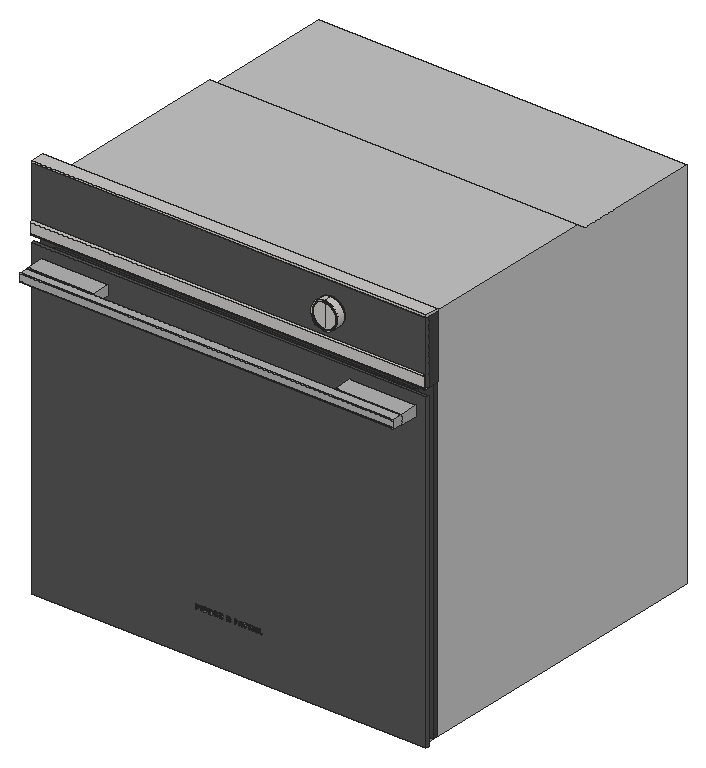
Revit family "FP-Revit18-OS60SDTDX2-CombiSteamOven-0-AU-CN-EU-IE-NZ-UK-90002672A", category Specialty Equipment, Revit 2018
Family settings
  Round Connector Dimension = Use Diameter
  Part Type = Normal
  OmniClass Number = 23.40.40.14.17.11
  OmniClass Title = Cookers, Ovens, Stoves
  Work Plane-Based = No
  Always vertical = Yes
  Cut with Voids When Loaded = Yes
  Shared = No
  Room Calculation Point = No
Parameters (values of type "OS60SDTDX2")
  Visibility - Clearance Required = yes
  URL = "www.fisherpaykel.com"
  Product - Width = 596 mm  # constant formula
  Product - Height = 598 mm  # constant formula
  Product - Depth = 566 mm  # constant formula
  Model = "OS60SDTDX2"
  Material - Trim = Fisher & Paykel - Stainless Steel
  Material - Structure = Fisher & Paykel - Black
  Material - Logo = Fisher & Paykel - Graphics Grey
  Material - Handle = Fisher & Paykel - Aluminium
  Material - Glass = Fisher & Paykel - Glass, Black
  Material - Buttons and Dials = Fisher & Paykel - Stainless Steel
  Material - Body = Fisher & Paykel - Grey
  Material - Bezel = Fisher & Paykel - Bezel Red
  Manufacturer = "Fisher & Paykel Appliances"
  FFL Offset [instance] = 200 mm
  Description = "60cm Combination Steam Oven"
  Connector Note - Electrical = "220 - 240 V, 12.8 - 13.8 A, 50 Hz"
  Chassis - Width = 556 mm  # constant formula
  Chassis - Height = 577 mm  # constant formula
  Chassis - Depth = 545 mm  # constant formula
  Cavity - Width = 600 mm  # constant formula
  Cavity - Height = 600 mm  # constant formula
  Cavity - Depth = 550 mm  # constant formula
Reference planes
  plane 1 "Datum": y = 0
  plane 2: z = 0
  plane 3 "Center (Left/Right)": x = 0
  plane 4 "Cavity": z = 780
  plane 5 "Product Height": z = 798
  plane 6 "Product LHS": x = -298
  plane 7 "Product RHS": x = 298
  plane 8 "Cavity LHS": x = -300
  plane 9 "Cavity RHS": x = 300
  plane 10 "Cavity - Depth": y = 550
  plane 11 "Product Depth": y = 545
  plane 12 "Front Face": y = -21
  plane 13 "Dial": x = 154.861
  plane 14 "FFL Offset": z = 200
  plane 15 "Cavity Height": z = 800
  plane 16 "KNOB 32": x = -282.5
  plane 17 "KNOB 33": x = 282.5
  plane 18 "LHS Standoff": x = -182.5
  plane 19 "RHS Standoff": x = 182.5
Forms (mm)
  Extrusion 1, solid, material "Fisher & Paykel - Grey" <- "Material - Body"
    sketch origin (0, 0, 0) x (0, 1, 0) y (0, 0, 1)
      loop
        line (0, 200) -> (527.082, 200) -> (527.082, 392.821) -> (545, 410.738) -> (545, 606.184) -> (496, 658.73) -> (496, 767.871) -> (302.605, 767.871) -> (290.524, 777) -> (0, 777) -> (0, 200)
    from -278 to 278
  Extrusion 2, void
    sketch origin (0, 0, 0) x (1, 0, 0) y (0, 1, 0)
      loop
        line (-199.196, 545) -> (-278, 545) -> (-278, 496) -> (-229.815, 496) -> (-199.196, 545)
      loop
        line (278, 496) -> (278, 545) -> (75.362, 545) -> (93.838, 526.523) -> (211.079, 526.523) -> (229.419, 496) -> (278, 496)
    from 200 to 767.871
  Extrusion 3, solid, material "Fisher & Paykel - Black" <- "Material - Structure"
    sketch origin (0, 0, 0) x (0, 1, 0) y (0, 0, 1)
      loop
        line (-17, 795.1) -> (-17, 698) -> (0, 698) -> (0, 795.1) -> (-17, 795.1)
    from -298 to 298
  Extrusion 4, solid, material "Fisher & Paykel - Glass, Black" <- "Material - Glass"
    sketch origin (0, 0, 0) x (1, 0, 0) y (0, 0, 1)
      loop
        line (-298, 687) -> (-298, 211.846) -> (298, 211.846) -> (298, 687) -> (-298, 687)
      loop
        line (-298, 699.5) -> (298, 699.5) -> (298, 795.1) -> (-298, 795.1) -> (-298, 699.5)
    from 17 to 21
  Extrusion 5, solid, material "Fisher & Paykel - Black" <- "Material - Structure"
    sketch origin (0, 0, -4.7) x (0, 1, 0) y (0, 0, 1)
      loop
        line (-17, 690.771) -> (-17, 224.7) -> (-5, 224.7) -> (-5, 687.442) -> (-14.146, 690.771) -> (-17, 690.771)
    from -272.5 to 272.5
  Extrusion 6, solid, material "Fisher & Paykel - Black" <- "Material - Structure"
    sketch origin (0, 0, 0) x (1, 0, 0) y (0, 0, 1)
      loop
        arc (269.803, 698) -> (257.581, 690.14) -> (243.393, 687) r 41.294
        line (243.393, 687) -> (-243.393, 687)
        arc (-243.393, 687) -> (-257.581, 690.14) -> (-269.803, 698) r 41.294
        line (-269.803, 698) -> (-297.5, 698) -> (-297.5, 218) -> (297.5, 218) -> (297.5, 698) -> (269.803, 698)
    from 0 to 5.4
  Extrusion 7, solid, material "Fisher & Paykel - Clearance Required", visible <- "Visibility - Clearance Required", detail levels coarse
    sketch origin (0, 0, 0) x (0, 1, 0) y (0, 0, 1)
      loop
        line (0, 800) -> (-191.375, 800) -> (-191.375, 636.155)
        arc (-191.375, 636.155) -> (-381.908, 479.03) -> (-481.8, 253.169) r 536.161
        line (-481.8, 253.169) -> (-465.804, 252.809) -> (-466.989, 210.782) -> (-451.592, 210.354) -> (-450.407, 252.375) -> (-21, 240.267) -> (-21, 200) -> (0, 200) -> (0, 800)
    from -300 to 300
  Extrusion 8, solid, material "Fisher & Paykel - Clearance Required", visible <- "Visibility - Clearance Required", detail levels coarse
    sketch origin (0, 0, 0) x (1, 0, 0) y (0, 1, 0)
      loop
        line (-280, 0) -> (280, 0) -> (280, 550) -> (-280, 550) -> (-280, 0)
    from 200 to 780
  Extrusion 9, void
    sketch origin (0, 0, 0) x (1, 0, 0) y (0, 1, 0)
      loop
        line (-300, -21) -> (300, -21) -> (300, 0) -> (-300, 0) -> (-300, -21)
    from 200 to 800
  Extrusion 10, solid, material "Fisher & Paykel - Stainless Steel" <- "Material - Trim", detail levels fine
    sketch origin (0, 0, 0) x (0, 1, 0) y (0, 0, 1)
      loop
        line (-22.95, 715.033) -> (-22.95, 699.235)
        arc (-22.95, 699.235) -> (-22.588, 698.362) -> (-21.715, 698) r 1.235
        line (-21.715, 698) -> (-18.526, 698) -> (-18.526, 699.5) -> (-21, 699.5) -> (-21, 717.646) -> (-21.788, 717.646) -> (-22.95, 715.033)
    from -298 to 298
  Extrusion 11, void
    sketch origin (0, 0, 0) x (1, 0, 0) y (0, 1, 0)
      loop
        line (-280, 550) -> (-280, 0) -> (280, 0) -> (280, 550) -> (-280, 550)
    from 200 to 780
  Extrusion 12, solid, material "Fisher & Paykel - Grey" <- "Material - Body"
    sketch origin (0, -21, 0) x (0, 0, 1) y (1, 0, 0)
      loop
        line (736, -135) -> (683, -135) -> (683, -218) -> (736, -218) -> (736, -135)
    from 517 to 535
  Extrusion 13, solid, material "Fisher & Paykel - Stainless Steel" <- "Material - Trim"
    sketch origin (154.861, 0, 0) x (0, 1, 0) y (0, 0, 1)
      loop
        line (0, 798) -> (-21, 798) -> (-21, 795.1) -> (0, 795.1) -> (0, 798)
    from -452.861 to 143.139
  Extrusion 14, solid, material "Fisher & Paykel - Graphics Grey" <- "Material - Logo", detail levels fine
    sketch origin (0, 0, 0) x (1, 0, 0) y (0, 0, 1)
      loop
        line (-50.044, 278.956) -> (-48.47, 278.956) -> (-48.47, 281.094) -> (-46.011, 281.094) -> (-46.011, 282.428) -> (-48.47, 282.428) -> (-48.47, 283.668) -> (-45.795, 283.668) -> (-45.795, 284.996) -> (-50.044, 284.996) -> (-50.044, 278.956)
      loop
        line (-42.804, 284.996) -> (-42.804, 278.956) -> (-41.23, 278.956) -> (-41.23, 284.996) -> (-42.804, 284.996)
      loop
        line (-30.724, 284.996) -> (-30.724, 278.956) -> (-29.151, 278.956) -> (-29.151, 281.376) -> (-26.839, 281.376) -> (-26.839, 278.956) -> (-25.265, 278.956) -> (-25.265, 284.996) -> (-26.839, 284.996) -> (-26.839, 282.704) -> (-29.151, 282.704) -> (-29.151, 284.996) -> (-30.724, 284.996)
      loop
        line (-21.906, 284.996) -> (-21.906, 278.956) -> (-17.602, 278.956) -> (-17.602, 280.284) -> (-20.347, 280.284) -> (-20.347, 281.376) -> (-17.838, 281.376) -> (-17.838, 282.704) -> (-20.347, 282.704) -> (-20.347, 283.668) -> (-17.602, 283.668) -> (-17.602, 284.996) -> (-21.906, 284.996)
      loop
        line (45.667, 284.996) -> (45.667, 278.956) -> (49.956, 278.956) -> (49.956, 280.284) -> (47.241, 280.284) -> (47.241, 284.996) -> (45.667, 284.996)
      loop
        line (42.431, 284.996) -> (38.112, 284.996) -> (38.112, 278.956) -> (42.431, 278.956) -> (42.431, 280.284) -> (39.687, 280.284) -> (39.687, 281.376) -> (42.195, 281.376) -> (42.195, 282.704) -> (39.687, 282.704) -> (39.687, 283.668) -> (42.431, 283.668) -> (42.431, 284.996)
      loop
        line (33.451, 282.104) -> (35.683, 284.996) -> (33.844, 284.996) -> (31.915, 282.498) -> (31.915, 284.996) -> (30.342, 284.996) -> (30.342, 278.956) -> (31.915, 278.956) -> (31.915, 281.661) -> (33.903, 278.956) -> (35.763, 278.956) -> (33.451, 282.104)
      loop
        line (21.98, 284.996) -> (24.262, 281.376) -> (24.262, 278.956) -> (25.837, 278.956) -> (25.837, 281.297) -> (28.119, 284.996) -> (26.446, 284.996) -> (25.099, 282.663) -> (23.753, 284.996) -> (21.98, 284.996)
      loop
        line (18.479, 284.996) -> (16.983, 284.996) -> (14.524, 278.956) -> (16.069, 278.956) -> (16.501, 280.068) -> (18.921, 280.068) -> (19.354, 278.956) -> (20.938, 278.956) -> (18.479, 284.996)
      loop
        line (18.4, 281.395) -> (17.693, 283.13) -> (17.018, 281.395) -> (18.4, 281.395)
      loop
        line (8.031, 284.996) -> (8.031, 278.956) -> (9.605, 278.956) -> (9.605, 280.894) -> (10.599, 280.894)
        arc (10.599, 280.894) -> (12.65, 282.945) -> (10.599, 284.996) r 2.051
        line (10.599, 284.996) -> (8.031, 284.996)
      loop
        line (9.605, 283.668) -> (9.605, 282.153) -> (10.501, 282.153)
        arc (10.501, 282.153) -> (11.259, 282.91) -> (10.501, 283.668) r 0.757
        line (10.501, 283.668) -> (9.605, 283.668)
      loop
        line (-11.783, 284.996) -> (-14.366, 284.996) -> (-14.366, 278.956) -> (-12.792, 278.956) -> (-12.792, 280.292) -> (-11.992, 280.292) -> (-10.972, 278.956) -> (-9.153, 278.956) -> (-10.694, 280.929)
        arc (-10.694, 280.929) -> (-9.678, 283.38) -> (-11.783, 284.996) r 2.179
      loop
        line (-11.897, 283.668) -> (-12.792, 283.668) -> (-12.792, 282.009) -> (-11.897, 282.009)
        arc (-11.897, 282.009) -> (-11.068, 282.838) -> (-11.897, 283.668) r 0.83
      loop
        line (0.477, 283.668) -> (0.477, 285.108) -> (-3.575, 285.108) -> (-3.575, 283.807) -> (-2.974, 283.067)
        arc (-2.974, 283.067) -> (-3.51, 279.639) -> (-0.045, 279.467) r 2.334
        line (-0.045, 279.467) -> (0.46, 278.847) -> (2.246, 278.847) -> (0.86, 280.55) -> (2.061, 282.28) -> (0.443, 282.28) -> (-0.013, 281.623) -> (-1.677, 283.668) -> (0.477, 283.668)
      loop
        arc (-2.125, 282.024) -> (-2.269, 280.624) -> (-0.868, 280.48) r 0.996
        line (-0.868, 280.48) -> (-2.125, 282.024)
      loop
        line (-35.18, 282.59) -> (-36.516, 282.866)
        arc (-36.516, 282.866) -> (-37.049, 283.399) -> (-36.516, 283.932) r 0.533
        arc (-36.516, 283.932) -> (-35.235, 283.746) -> (-34.059, 283.203) r 4.505
        line (-34.059, 283.203) -> (-34.059, 284.699)
        arc (-34.059, 284.699) -> (-35.549, 285.135) -> (-37.1, 285.065) r 4.726
        arc (-37.1, 285.065) -> (-38.536, 283.291) -> (-37.1, 281.516) r 1.814
        line (-37.1, 281.516) -> (-35.754, 281.238)
        arc (-35.754, 281.238) -> (-35.221, 280.705) -> (-35.754, 280.172) r 0.533
        arc (-35.754, 280.172) -> (-37.035, 280.358) -> (-38.211, 280.901) r 4.505
        line (-38.211, 280.901) -> (-38.211, 279.405)
        arc (-38.211, 279.405) -> (-36.72, 278.969) -> (-35.169, 279.039) r 4.726
        arc (-35.169, 279.039) -> (-33.734, 280.819) -> (-35.18, 282.59) r 1.814
    from 20 to 21
  Extrusion 15, void
    sketch origin (0, 0, 0) x (1, 0, 0) y (0, 0, 1)
      loop
        line (-229.748, 203) -> (-229.748, 200) -> (229.748, 200) -> (229.748, 203) -> (-229.748, 203)
    from -406 to 0
  Extrusion 16, solid, material "Fisher & Paykel - Grey" <- "Material - Body"
    sketch origin (0, 0, 0) x (0, 1, 0) y (0, 0, 1)
      loop
        circle (504.5, 703) r 4
    from -255.139 to -218
  Revolve 17, solid, material "Fisher & Paykel - Stainless Steel" <- "Material - Buttons and Dials", detail levels fine
    sketch origin (154.861, -21, 753.32) x (0, 1, 0) y (0, 0, 1)
      loop
        line (0, 20.5) -> (-0.8, 20.5) -> (-0.8, 16.038) -> (-2.264, 16.038) -> (-2.264, 20.5) -> (-13.8, 20.5) -> (-13.8, 19.7) -> (-13.289, 18.5) -> (-9.2, 18.5) -> (-9.2, 17.7) -> (-13.289, 17.7) -> (-13.289, 0) -> (0, 0) -> (0, 20.5)
      axis (0, 0) -> (-13.8, 0)
    angle from 0 to 360
  Extrusion 18, solid, material "Fisher & Paykel - Bezel Red" <- "Material - Bezel", detail levels fine
    sketch origin (154.861, -21, 753.32) x (1, 0, 0) y (0, 0, 1)
      loop
        circle (0, 0) r 17.7
      loop
        circle (0, 0) r 18.5
    from 9.2 to 13.289
  Extrusion 19, solid, material "Fisher & Paykel - Stainless Steel" <- "Material - Buttons and Dials", detail levels coarse+medium
    sketch origin (0, 0, 0) x (1, 0, 0) y (0, 0, 1)
      loop
        circle (154.861, 753.32) r 20.5
    from 21 to 35
  Revolve 20, solid, material "Fisher & Paykel - Stainless Steel" <- "Material - Buttons and Dials", not visible, detail levels fine
    sketch origin (154.861, -21, 753.32) x (0, 1, 0) y (0, 0, 1)
      loop
        line (0, 20.5) -> (-0.8, 20.5) -> (-0.8, 16.038) -> (-2.264, 16.038) -> (-2.264, 20.5) -> (-13.8, 20.5) -> (-13.8, 19.7) -> (-13.289, 18.5) -> (-9.2, 18.5) -> (-9.2, 17.7) -> (-13.289, 17.7) -> (-13.289, 0) -> (0, 0) -> (0, 20.5)
      axis (0, 0) -> (-13.8, 0)
    angle from 0 to 360
  Extrusion 21, solid, material "Fisher & Paykel - Bezel Red" <- "Material - Bezel", not visible, detail levels fine
    sketch origin (154.861, -21, 753.32) x (1, 0, 0) y (0, 0, 1)
      loop
        circle (0, 0) r 17.7
      loop
        circle (0, 0) r 18.5
    from 9.2 to 13.289
  Extrusion 22, solid, material "Fisher & Paykel - Stainless Steel" <- "Material - Buttons and Dials", not visible, detail levels coarse+medium
    sketch origin (0, 0, 0) x (1, 0, 0) y (0, 0, 1)
      loop
        circle (154.861, 753.32) r 20.5
    from 21 to 35
  Extrusion 23, solid, material "Fisher & Paykel - Aluminium" <- "Material - Handle", detail levels fine
    sketch origin (0, -22, 663.274) x (0, 1, 0) y (0, 0, 1)
      loop
        arc (-26.813, 6.16) -> (-27.196, 6.554) -> (-27.728, 6.686) r 1
        line (-27.728, 6.686) -> (-40.035, 6.256)
        arc (-40.035, 6.256) -> (-40.719, 5.951) -> (-41, 5.257) r 1
        line (-41, 5.257) -> (-41, -5.257)
        arc (-41, -5.257) -> (-40.719, -5.951) -> (-40.035, -6.256) r 1
        line (-40.035, -6.256) -> (-27.709, -6.686)
        arc (-27.709, -6.686) -> (-27.175, -6.554) -> (-26.792, -6.158) r 1
        arc (-26.792, -6.158) -> (-25.256, 0.004) -> (-26.813, 6.16) r 13.038
    from -282.5 to 282.5
  Extrusion 24, solid, material "Fisher & Paykel - Aluminium" <- "Material - Handle", detail levels fine
    sketch origin (0, -22, 663.274) x (0, 1, 0) y (0, 0, 1)
      loop
        arc (-26.626, -6.008) -> (-26.614, -6.49) -> (-26.2, -6.737) r 0.5
        line (-26.2, -6.737) -> (1, -7.732) -> (1, 7.741) -> (-26.174, 6.747)
        arc (-26.174, 6.747) -> (-26.587, 6.5) -> (-26.6, 6.019) r 0.5
        arc (-26.6, 6.019) -> (-25.156, 0.002) -> (-26.626, -6.008) r 13.136
    from 182.5 to 282.5
  Extrusion 25, solid, material "Fisher & Paykel - Aluminium" <- "Material - Handle", detail levels coarse+medium
    sketch origin (0, -23, 663.274) x (1, 0, 0) y (0, 1, 0)
      loop
        line (-282.5, -40) -> (282.5, -40) -> (282.5, 2) -> (182.5, 2) -> (182.5, -24.334) -> (-182.5, -24.334) -> (-182.5, 2) -> (-282.5, 2) -> (-282.5, -40)
    from -8.022 to 7.978
  Extrusion 26, solid, material "Fisher & Paykel - Aluminium" <- "Material - Handle", detail levels fine
    sketch origin (0, -22, 663.274) x (0, 1, 0) y (0, 0, 1)
      loop
        arc (-26.626, -6.008) -> (-26.614, -6.49) -> (-26.2, -6.737) r 0.5
        line (-26.2, -6.737) -> (1, -7.732) -> (1, 7.741) -> (-26.174, 6.747)
        arc (-26.174, 6.747) -> (-26.587, 6.5) -> (-26.6, 6.019) r 0.5
        arc (-26.6, 6.019) -> (-25.156, 0.002) -> (-26.626, -6.008) r 13.136
    from -282.5 to -182.5
  Extrusion 27, solid, material "Fisher & Paykel - Aluminium" <- "Material - Handle", not visible, detail levels fine
    sketch origin (0, -22, 663.274) x (0, 1, 0) y (0, 0, 1)
      loop
        arc (-26.813, 6.16) -> (-27.196, 6.554) -> (-27.728, 6.686) r 1
        line (-27.728, 6.686) -> (-40.035, 6.256)
        arc (-40.035, 6.256) -> (-40.719, 5.951) -> (-41, 5.257) r 1
        line (-41, 5.257) -> (-41, -5.257)
        arc (-41, -5.257) -> (-40.719, -5.951) -> (-40.035, -6.256) r 1
        line (-40.035, -6.256) -> (-27.709, -6.686)
        arc (-27.709, -6.686) -> (-27.175, -6.554) -> (-26.792, -6.158) r 1
        arc (-26.792, -6.158) -> (-25.256, 0.004) -> (-26.813, 6.16) r 13.038
    from -282.5 to 282.5
  Extrusion 28, solid, material "Fisher & Paykel - Aluminium" <- "Material - Handle", not visible, detail levels fine
    sketch origin (0, -22, 663.274) x (0, 1, 0) y (0, 0, 1)
      loop
        arc (-26.626, -6.008) -> (-26.614, -6.49) -> (-26.2, -6.737) r 0.5
        line (-26.2, -6.737) -> (1, -7.732) -> (1, 7.741) -> (-26.174, 6.747)
        arc (-26.174, 6.747) -> (-26.587, 6.5) -> (-26.6, 6.019) r 0.5
        arc (-26.6, 6.019) -> (-25.156, 0.002) -> (-26.626, -6.008) r 13.136
    from 182.5 to 282.5
  Extrusion 29, solid, material "Fisher & Paykel - Aluminium" <- "Material - Handle", not visible, detail levels coarse+medium
    sketch origin (0, -23, 663.274) x (1, 0, 0) y (0, 1, 0)
      loop
        line (-282.5, -40) -> (282.5, -40) -> (282.5, 2) -> (182.5, 2) -> (182.5, -24.334) -> (-182.5, -24.334) -> (-182.5, 2) -> (-282.5, 2) -> (-282.5, -40)
    from -8.022 to 7.978
  Extrusion 30, solid, material "Fisher & Paykel - Aluminium" <- "Material - Handle", not visible, detail levels fine
    sketch origin (0, -22, 663.274) x (0, 1, 0) y (0, 0, 1)
      loop
        arc (-26.626, -6.008) -> (-26.614, -6.49) -> (-26.2, -6.737) r 0.5
        line (-26.2, -6.737) -> (1, -7.732) -> (1, 7.741) -> (-26.174, 6.747)
        arc (-26.174, 6.747) -> (-26.587, 6.5) -> (-26.6, 6.019) r 0.5
        arc (-26.6, 6.019) -> (-25.156, 0.002) -> (-26.626, -6.008) r 13.136
    from -282.5 to -182.5
Cuts and joins
  Extrusion 2, Extrusion 15 cuts Extrusion 1
Lines and regions (mm)
  model lines, style "Fisher & Paykel"
    curve 1: line (217.5, -21, 336) -> (-217.5, -21, 336)
    curve 2: line (217.5, -21, 619) -> (217.5, -21, 336)
    curve 3: line (-217.5, -21, 619) -> (217.5, -21, 619)
    curve 4: line (-217.5, -21, 336) -> (-217.5, -21, 619)
Text (mm)
  text "Disclaimer:\nWe endeavor to maintain the accuracy of our 3D content.\nHowever, product details are subject to change without notice.\nPlease refer to the product Data Sheets for the most current product information." at (41.04, -568.295, 0), in view "Ref. Level (Plan)"
Dimensions and locks
  equal spacing: plane 6 "Product LHS", plane 3 "Center (Left/Right)", plane 7 "Product RHS"
  "Product - Width": plane 6 "Product LHS" to plane 7 "Product RHS"
  equal spacing: plane 8 "Cavity LHS", plane 3 "Center (Left/Right)", plane 9 "Cavity RHS"
  "Cavity - Width": plane 8 "Cavity LHS" to plane 9 "Cavity RHS"
  "Cavity - Depth": plane 10 "Cavity - Depth" to plane 1 "Datum"
  "Chassis - Depth": plane 11 "Product Depth" to plane 1 "Datum"
  plane 12 "Front Face" to plane 1 "Datum" = 21 mm
  "Chassis - Width": cut or joined group of Extrusion 1, Extrusion 2, Extrusion 15 to cut or joined group of Extrusion 1, Extrusion 2, Extrusion 15
  "FFL Offset": plane 14 "FFL Offset" to level
  "Product - Height": plane 5 "Product Height" to plane 14 "FFL Offset"
  "Cavity - Height": Extrusion 7 to plane 14 "FFL Offset"
  locked: plane 4 "Cavity" to plane 14 "FFL Offset" at 580
  "Cavity - Height": plane 15 "Cavity Height" to plane 14 "FFL Offset"
  plane 16 "KNOB 32" to plane 17 "KNOB 33" = -304.8 mm
  locked: Extrusion 11 to Extrusion 11 at 560
  equal spacing: Extrusion 11, plane 3 "Center (Left/Right)", Extrusion 11
  Extrusion 4 to plane 14 "FFL Offset" = 11.846 mm
  locked: Extrusion 5 to plane 14 "FFL Offset" at 20
  plane 14 "FFL Offset" to Extrusion 3 = 498 mm
  locked: Extrusion 4 to plane 14 "FFL Offset" at 487  (x2)
  plane 14 "FFL Offset" to Extrusion 12 sketch curve = 483 mm
  Extrusion 12 sketch curve to Extrusion 12 sketch curve = 53 mm
  locked: Extrusion 6 sketch curve to Extrusion 6 sketch curve at 11  (x2)
  plane 14 "FFL Offset" to Extrusion 6 sketch curve = 18 mm
  locked: plane 14 "FFL Offset" to Extrusion 6 sketch curve at 498  (x2)
  locked: Extrusion 14 sketch curve to plane 14 "FFL Offset" at 78.956
  locked: cut or joined group of Extrusion 1, Extrusion 2, Extrusion 15 to plane 14 "FFL Offset" at 3
  locked: cut or joined group of Extrusion 1, Extrusion 2, Extrusion 15 to plane 14 "FFL Offset" at 577
  locked: curve 1 to plane 14 "FFL Offset" at 136
  locked: curve 3 to plane 14 "FFL Offset" at 419
  locked: cut or joined group of Extrusion 1, Extrusion 2, Extrusion 15 to plane 14 "FFL Offset" at 567.871
  locked: plane 5 "Product Height" to Extrusion 18 at 44.68
  locked: Extrusion 25 to plane 14 "FFL Offset" at 471.252
  "Product - Depth": plane 11 "Product Depth" to plane 12 "Front Face"
  aligned and locked: level to plane 2
  aligned and locked: plane 8 "Cavity LHS" to Extrusion 7
  aligned and locked: Extrusion 7 to plane 9 "Cavity RHS"
  aligned and locked: Extrusion 1 sketch curve to plane 14 "FFL Offset"
  aligned and locked: Extrusion 1 to Extrusion 2
  aligned and locked: plane 14 "FFL Offset" to Extrusion 7 sketch curve
  aligned and locked: Extrusion 11 to cut or joined group of Extrusion 1, Extrusion 2, Extrusion 15
  aligned and locked: plane 4 "Cavity" to Extrusion 11
  aligned and locked: plane 4 "Cavity" to Extrusion 8
  aligned and locked: Extrusion 8 to cut or joined group of Extrusion 1, Extrusion 2, Extrusion 15
  aligned and locked: Extrusion 9 to cut or joined group of Extrusion 1, Extrusion 2, Extrusion 15
  aligned and locked: Extrusion 9 to Extrusion 7
  aligned and locked: plane 15 "Cavity Height" to Extrusion 9
  aligned and locked: Extrusion 5 sketch curve to Extrusion 4
  aligned and locked: plane 5 "Product Height" to Extrusion 13 sketch curve
  aligned and locked: Extrusion 4 to Extrusion 13
  aligned and locked: Extrusion 3 to Extrusion 4
  aligned and locked: Extrusion 13 to plane 7 "Product RHS"
  aligned and locked: plane 6 "Product LHS" to Extrusion 13
  aligned and locked: plane 1 "Datum" to Extrusion 15
  aligned and locked: Extrusion 15 sketch curve to plane 14 "FFL Offset"
  aligned and locked: plane 11 "Product Depth" to cut or joined group of Extrusion 1, Extrusion 2, Extrusion 15
  aligned and locked: Extrusion 2 to cut or joined group of Extrusion 1, Extrusion 2, Extrusion 15
Automatic sketch dimensions
  Extrusion 1 sketch curve to plane 1 "Datum" = 0 mm
  Extrusion 1 sketch curve to plane 11 "Product Depth" = 0 mm
  Extrusion 1 sketch curve to plane 4 "Cavity" = 3 mm
  Extrusion 1 sketch curve to plane 11 "Product Depth" = 254.476 mm
  Extrusion 1 sketch curve to plane 4 "Cavity" = 12.129 mm
  Extrusion 1 sketch curve to Extrusion 1 sketch curve = 12.081 mm
  Extrusion 1 sketch curve to plane 11 "Product Depth" = 49 mm
  Extrusion 1 sketch curve to plane 11 "Product Depth" = 17.918 mm
  Extrusion 1 sketch curve to Extrusion 1 sketch curve = 192.821 mm
  Extrusion 1 sketch curve to Extrusion 1 sketch curve = 17.918 mm
  Extrusion 1 sketch curve to Extrusion 1 sketch curve = 161.687 mm
  Extrusion 1 sketch curve to Extrusion 1 sketch curve = 52.546 mm
  Extrusion 3 sketch curve to plane 1 "Datum" = 0 mm
  plane 12 "Front Face" to Extrusion 3 sketch curve = 4 mm
  Extrusion 3 sketch curve to plane 4 "Cavity" = 82 mm
  Extrusion 3 sketch curve to plane 5 "Product Height" = 2.9 mm
  plane 6 "Product LHS" to Extrusion 4 sketch curve = 0 mm  (x2)
  plane 7 "Product RHS" to Extrusion 4 sketch curve = 0 mm  (x2)
  plane 14 "FFL Offset" to Extrusion 4 sketch curve = 11.846 mm
  Extrusion 4 sketch curve to plane 4 "Cavity" = 93 mm
  Extrusion 4 sketch curve to Extrusion 4 sketch curve = 12.5 mm
  Extrusion 4 sketch curve to plane 5 "Product Height" = 2.9 mm
  Extrusion 5 sketch curve to Extrusion 5 sketch curve = 2.854 mm
  plane 1 "Datum" to Extrusion 5 sketch curve = 5 mm
  plane 14 "FFL Offset" to Extrusion 5 sketch curve = 20 mm
  Extrusion 5 sketch curve to plane 4 "Cavity" = 97.258 mm
  Extrusion 5 sketch curve to Extrusion 5 sketch curve = 3.329 mm
  Extrusion 6 sketch curve to plane 6 "Product LHS" = 0.5 mm
  Extrusion 6 sketch curve to plane 16 "KNOB 32" = 12.697 mm
  Extrusion 6 sketch curve to Extrusion 6 sketch curve = 26.41 mm
  Extrusion 6 sketch curve to plane 16 "KNOB 32" = 40.797 mm
  plane 17 "KNOB 33" to Extrusion 6 sketch curve = 40.797 mm
  plane 17 "KNOB 33" to Extrusion 6 sketch curve = 39.107 mm
  plane 7 "Product RHS" to Extrusion 6 sketch curve = 28.197 mm
  plane 7 "Product RHS" to Extrusion 6 sketch curve = 0.5 mm
  curve 1 to plane 18 "LHS Standoff" = 35 mm
  plane 19 "RHS Standoff" to curve 3 = 35 mm
  Extrusion 7 sketch curve to plane 15 "Cavity Height" = 0 mm
  Extrusion 7 sketch curve to plane 1 "Datum" = 0 mm
  Extrusion 7 sketch curve to plane 12 "Front Face" = 0 mm
  Extrusion 7 sketch curve to plane 12 "Front Face" = 170.375 mm
  plane 14 "FFL Offset" to Extrusion 7 sketch curve = 52.375 mm
  Extrusion 7 sketch curve to plane 12 "Front Face" = 429.407 mm
  plane 14 "FFL Offset" to Extrusion 7 sketch curve = 10.354 mm
  Extrusion 7 sketch curve to Extrusion 7 sketch curve = 1.185 mm
  plane 14 "FFL Offset" to Extrusion 7 sketch curve = 52.809 mm
  Extrusion 7 sketch curve to Extrusion 7 sketch curve = 15.397 mm  (x2)
  plane 14 "FFL Offset" to Extrusion 7 sketch curve = 10.782 mm
  plane 14 "FFL Offset" to Extrusion 7 sketch curve = 53.169 mm
  Extrusion 7 sketch curve to Extrusion 7 sketch curve = 15.996 mm
  Extrusion 7 sketch curve to plane 1 "Datum" = 45.308 mm
  Extrusion 7 sketch curve to plane 14 "FFL Offset" = 44.937 mm
  Extrusion 8 sketch curve to plane 10 "Cavity - Depth" = 0 mm
  plane 1 "Datum" to Extrusion 8 sketch curve = 0 mm
  Extrusion 8 sketch curve to plane 16 "KNOB 32" = 2.5 mm
  plane 17 "KNOB 33" to Extrusion 8 sketch curve = 2.5 mm
  plane 1 "Datum" to Extrusion 9 sketch curve = 0 mm
  Extrusion 9 sketch curve to plane 8 "Cavity LHS" = 0 mm
  Extrusion 9 sketch curve to plane 9 "Cavity RHS" = 0 mm
  Extrusion 9 sketch curve to plane 12 "Front Face" = 0 mm
  Extrusion 10 sketch curve to plane 12 "Front Face" = 0 mm
  Extrusion 10 sketch curve to plane 12 "Front Face" = 0.715 mm
  Extrusion 10 sketch curve to plane 12 "Front Face" = 0.788 mm
  Extrusion 10 sketch curve to plane 12 "Front Face" = 1.95 mm
  Extrusion 10 sketch curve to Extrusion 10 sketch curve = 2.474 mm
  Extrusion 10 sketch curve to plane 4 "Cavity" = 82 mm
  Extrusion 10 sketch curve to Extrusion 10 sketch curve = 0.265 mm
  Extrusion 10 sketch curve to Extrusion 10 sketch curve = 15.533 mm
  Extrusion 10 sketch curve to Extrusion 10 sketch curve = 2.613 mm
  plane 1 "Datum" to Extrusion 11 sketch curve = 0 mm
  Extrusion 11 sketch curve to plane 10 "Cavity - Depth" = 0 mm
  Extrusion 11 sketch curve to plane 16 "KNOB 32" = 2.5 mm
  plane 17 "KNOB 33" to Extrusion 11 sketch curve = 2.5 mm
  Extrusion 12 sketch curve to plane 18 "LHS Standoff" = 35.5 mm
  plane 18 "LHS Standoff" to Extrusion 12 sketch curve = 47.5 mm
  Extrusion 13 sketch curve to plane 12 "Front Face" = 0 mm
  Extrusion 13 sketch curve to plane 1 "Datum" = 0 mm
  Extrusion 13 sketch curve to plane 5 "Product Height" = 2.9 mm
  Extrusion 14 sketch curve to plane 3 "Center (Left/Right)" = 50.044 mm
  Extrusion 14 sketch curve to Extrusion 14 sketch curve = 1.574 mm  (x12)
  Extrusion 14 sketch curve to Extrusion 14 sketch curve = 2.459 mm
  Extrusion 14 sketch curve to Extrusion 14 sketch curve = 0.216 mm
  Extrusion 14 sketch curve to Extrusion 14 sketch curve = 3.207 mm
  Extrusion 14 sketch curve to Extrusion 14 sketch curve = 3.02 mm
  Extrusion 14 sketch curve to Extrusion 14 sketch curve = 1.11 mm
  Extrusion 14 sketch curve to Extrusion 14 sketch curve = 0.379 mm
  Extrusion 14 sketch curve to Extrusion 14 sketch curve = 0.206 mm  (x2)
  Extrusion 14 sketch curve to Extrusion 14 sketch curve = 0.36 mm  (x2)
  Extrusion 14 sketch curve to Extrusion 14 sketch curve = 0.402 mm
  Extrusion 14 sketch curve to Extrusion 14 sketch curve = 0 mm  (x21)
  Extrusion 14 sketch curve to Extrusion 14 sketch curve = 1.335 mm  (x2)
  Extrusion 14 sketch curve to Extrusion 14 sketch curve = 1.121 mm
  Extrusion 14 sketch curve to Extrusion 14 sketch curve = 3.335 mm
  Extrusion 14 sketch curve to Extrusion 14 sketch curve = 2.312 mm  (x2)
  Extrusion 14 sketch curve to Extrusion 14 sketch curve = 3.359 mm
  Extrusion 14 sketch curve to Extrusion 14 sketch curve = 1.559 mm
  Extrusion 14 sketch curve to Extrusion 14 sketch curve = 2.508 mm  (x2)
  Extrusion 14 sketch curve to Extrusion 14 sketch curve = 0.236 mm  (x4)
  Extrusion 14 sketch curve to Extrusion 14 sketch curve = 3.236 mm  (x2)
  Extrusion 14 sketch curve to Extrusion 14 sketch curve = 0.8 mm
  Extrusion 14 sketch curve to Extrusion 14 sketch curve = 0.895 mm
  Extrusion 14 sketch curve to Extrusion 14 sketch curve = 0.114 mm
  Extrusion 14 sketch curve to Extrusion 14 sketch curve = 1.02 mm
  Extrusion 14 sketch curve to Extrusion 14 sketch curve = 1.298 mm
  Extrusion 14 sketch curve to Extrusion 14 sketch curve = 1.82 mm
  Extrusion 14 sketch curve to plane 3 "Center (Left/Right)" = 3.575 mm
  Extrusion 14 sketch curve to Extrusion 14 sketch curve = 0.602 mm
  Extrusion 14 sketch curve to Extrusion 14 sketch curve = 0.849 mm
  Extrusion 14 sketch curve to Extrusion 14 sketch curve = 0.425 mm
  Extrusion 14 sketch curve to Extrusion 14 sketch curve = 1.297 mm
  Extrusion 14 sketch curve to Extrusion 14 sketch curve = 0.203 mm
  Extrusion 14 sketch curve to plane 3 "Center (Left/Right)" = 0.868 mm
  Extrusion 14 sketch curve to plane 3 "Center (Left/Right)" = 0.045 mm
  Extrusion 14 sketch curve to plane 3 "Center (Left/Right)" = 0.013 mm
  plane 3 "Center (Left/Right)" to Extrusion 14 sketch curve = 0.443 mm
  plane 3 "Center (Left/Right)" to Extrusion 14 sketch curve = 0.46 mm
  plane 3 "Center (Left/Right)" to Extrusion 14 sketch curve = 0.477 mm
  plane 3 "Center (Left/Right)" to Extrusion 14 sketch curve = 0.86 mm
  Extrusion 14 sketch curve to Extrusion 14 sketch curve = 1.618 mm
  Extrusion 14 sketch curve to Extrusion 14 sketch curve = 1.785 mm
  Extrusion 14 sketch curve to Extrusion 14 sketch curve = 5.971 mm
  Extrusion 14 sketch curve to Extrusion 14 sketch curve = 0.896 mm
  Extrusion 14 sketch curve to Extrusion 14 sketch curve = 0.994 mm
  Extrusion 14 sketch curve to Extrusion 14 sketch curve = 3.925 mm
  Extrusion 14 sketch curve to Extrusion 14 sketch curve = 1.545 mm
  Extrusion 14 sketch curve to Extrusion 14 sketch curve = 0.433 mm  (x2)
  Extrusion 14 sketch curve to Extrusion 14 sketch curve = 0.482 mm
  Extrusion 14 sketch curve to Extrusion 14 sketch curve = 0.517 mm
  Extrusion 14 sketch curve to Extrusion 14 sketch curve = 0.675 mm
  Extrusion 14 sketch curve to Extrusion 14 sketch curve = 1.381 mm
  Extrusion 14 sketch curve to Extrusion 14 sketch curve = 1.495 mm
  Extrusion 14 sketch curve to Extrusion 14 sketch curve = 0.522 mm
  Extrusion 14 sketch curve to Extrusion 14 sketch curve = 1.584 mm
  Extrusion 14 sketch curve to Extrusion 14 sketch curve = 3.502 mm
  Extrusion 14 sketch curve to Extrusion 14 sketch curve = 1.772 mm
  Extrusion 14 sketch curve to Extrusion 14 sketch curve = 0.51 mm
  Extrusion 14 sketch curve to Extrusion 14 sketch curve = 0.837 mm
  Extrusion 14 sketch curve to Extrusion 14 sketch curve = 0.737 mm
  Extrusion 14 sketch curve to Extrusion 14 sketch curve = 2.694 mm
  Extrusion 14 sketch curve to Extrusion 14 sketch curve = 1.673 mm
  Extrusion 14 sketch curve to Extrusion 14 sketch curve = 2.223 mm
  Extrusion 14 sketch curve to Extrusion 14 sketch curve = 1.535 mm
  Extrusion 14 sketch curve to Extrusion 14 sketch curve = 1.928 mm
  Extrusion 14 sketch curve to Extrusion 14 sketch curve = 1.987 mm
  Extrusion 14 sketch curve to Extrusion 14 sketch curve = 1.839 mm
  Extrusion 14 sketch curve to Extrusion 14 sketch curve = 1.86 mm
  Extrusion 14 sketch curve to Extrusion 14 sketch curve = 2.429 mm
  Extrusion 14 sketch curve to Extrusion 14 sketch curve = 2.715 mm
  Extrusion 14 sketch curve to Extrusion 14 sketch curve = 0.109 mm  (x5)
  Extrusion 14 sketch curve to Extrusion 14 sketch curve = 0.449 mm
  Extrusion 14 sketch curve to Extrusion 14 sketch curve = 0.023 mm
  Extrusion 14 sketch curve to Extrusion 14 sketch curve = 0.621 mm
  Extrusion 14 sketch curve to Extrusion 14 sketch curve = 1.112 mm
  Extrusion 14 sketch curve to Extrusion 14 sketch curve = 1.328 mm  (x10)
  Extrusion 14 sketch curve to Extrusion 14 sketch curve = 1.336 mm
  Extrusion 14 sketch curve to Extrusion 14 sketch curve = 1.015 mm
  Extrusion 14 sketch curve to Extrusion 14 sketch curve = 1.012 mm
  Extrusion 14 sketch curve to Extrusion 14 sketch curve = 1.082 mm
  Extrusion 14 sketch curve to Extrusion 14 sketch curve = 0.262 mm  (x2)
  Extrusion 14 sketch curve to Extrusion 14 sketch curve = 1.938 mm
  Extrusion 14 sketch curve to Extrusion 14 sketch curve = 1.496 mm  (x2)
  Extrusion 14 sketch curve to Extrusion 14 sketch curve = 0.637 mm
  Extrusion 14 sketch curve to Extrusion 14 sketch curve = 2.138 mm
  Extrusion 14 sketch curve to Extrusion 14 sketch curve = 0.632 mm
  Extrusion 14 sketch curve to Extrusion 14 sketch curve = 0.424 mm  (x2)
  Extrusion 14 sketch curve to Extrusion 14 sketch curve = 0.14 mm
  Extrusion 14 sketch curve to Extrusion 14 sketch curve = 2.341 mm
  Extrusion 14 sketch curve to Extrusion 14 sketch curve = 1.092 mm  (x2)
  Extrusion 14 sketch curve to Extrusion 14 sketch curve = 2.42 mm
  Extrusion 14 sketch curve to Extrusion 14 sketch curve = 0.079 mm
  Extrusion 14 sketch curve to Extrusion 14 sketch curve = 0.616 mm
  Extrusion 14 sketch curve to Extrusion 14 sketch curve = 1.073 mm
  Extrusion 14 sketch curve to Extrusion 14 sketch curve = 2.705 mm
  Extrusion 14 sketch curve to Extrusion 14 sketch curve = 1.716 mm
  Extrusion 14 sketch curve to Extrusion 14 sketch curve = 0.442 mm
  Extrusion 14 sketch curve to Extrusion 14 sketch curve = 1.259 mm
  Extrusion 14 sketch curve to Extrusion 14 sketch curve = 1.73 mm
  Extrusion 14 sketch curve to Extrusion 14 sketch curve = 0.836 mm
  Extrusion 14 sketch curve to Extrusion 14 sketch curve = 1.352 mm
  Extrusion 14 sketch curve to Extrusion 14 sketch curve = 1.287 mm
  Extrusion 14 sketch curve to Extrusion 14 sketch curve = 0.808 mm
  Extrusion 14 sketch curve to Extrusion 14 sketch curve = 0.022 mm
  Extrusion 14 sketch curve to Extrusion 14 sketch curve = 0.276 mm
  Extrusion 14 sketch curve to Extrusion 14 sketch curve = 0.757 mm
  Extrusion 14 sketch curve to Extrusion 14 sketch curve = 0.034 mm
  Extrusion 14 sketch curve to Extrusion 14 sketch curve = 1.735 mm
  Extrusion 14 sketch curve to Extrusion 14 sketch curve = 0.614 mm
  Extrusion 14 sketch curve to Extrusion 14 sketch curve = 0.6 mm
  Extrusion 14 sketch curve to Extrusion 14 sketch curve = 0.964 mm  (x2)
  Extrusion 14 sketch curve to Extrusion 14 sketch curve = 1.24 mm
  Extrusion 14 sketch curve to Extrusion 14 sketch curve = 0.739 mm
  Extrusion 14 sketch curve to Extrusion 14 sketch curve = 0.744 mm
  Extrusion 14 sketch curve to Extrusion 14 sketch curve = 2.292 mm  (x2)
  Extrusion 14 sketch curve to Extrusion 14 sketch curve = 1.866 mm
  Extrusion 14 sketch curve to Extrusion 14 sketch curve = 2.892 mm
  Extrusion 14 sketch curve to Extrusion 14 sketch curve = 2.498 mm
  Extrusion 14 sketch curve to Extrusion 14 sketch curve = 1.302 mm
  plane 14 "FFL Offset" to Extrusion 15 sketch curve = 3 mm
  Extrusion 15 sketch curve to plane 18 "LHS Standoff" = 47.248 mm
  plane 19 "RHS Standoff" to Extrusion 15 sketch curve = 47.248 mm
  Extrusion 16 sketch curve to plane 11 "Product Depth" = 40.5 mm
  Extrusion 16 sketch curve to plane 4 "Cavity" = 77 mm
  Extrusion 18 sketch curve to Extrusion 18 sketch curve = 0 mm  (x4)
  Revolve 17 sketch curve to Revolve 17 sketch curve = 0.8 mm  (x3)
  Revolve 17 sketch curve to Revolve 17 sketch curve = 1.464 mm
  Revolve 17 sketch curve to Revolve 17 sketch curve = 6.936 mm
  Revolve 17 sketch curve to Revolve 17 sketch curve = 4.089 mm
  Revolve 17 sketch curve to Revolve 17 sketch curve = 0.511 mm
  Revolve 17 sketch curve to Revolve 17 sketch curve = 1.2 mm
  Revolve 17 sketch curve to Revolve 17 sketch curve = 0 mm  (x3)
  Revolve 17 sketch curve to Revolve 17 sketch curve = 0.329 mm
  Revolve 17 sketch curve to Revolve 17 sketch curve = 5.344 mm
  Revolve 17 sketch curve to Revolve 17 sketch curve = 16.038 mm
  Revolve 17 sketch curve to Revolve 17 sketch curve = 1.662 mm
  Extrusion 21 sketch curve to Extrusion 21 sketch curve = 0 mm  (x4)
  Revolve 20 sketch curve to Revolve 20 sketch curve = 0.8 mm  (x3)
  Revolve 20 sketch curve to Revolve 20 sketch curve = 1.464 mm
  Revolve 20 sketch curve to Revolve 20 sketch curve = 6.936 mm
  Revolve 20 sketch curve to Revolve 20 sketch curve = 4.089 mm
  Revolve 20 sketch curve to Revolve 20 sketch curve = 0.511 mm
  Revolve 20 sketch curve to Revolve 20 sketch curve = 1.2 mm
  Revolve 20 sketch curve to Revolve 20 sketch curve = 0 mm  (x3)
  Revolve 20 sketch curve to Revolve 20 sketch curve = 0.329 mm
  Revolve 20 sketch curve to Revolve 20 sketch curve = 5.344 mm
  Revolve 20 sketch curve to Revolve 20 sketch curve = 16.038 mm
  Revolve 20 sketch curve to Revolve 20 sketch curve = 1.662 mm
  Extrusion 2 sketch curve to plane 11 "Product Depth" = 0 mm  (x2)
  Extrusion 2 sketch curve to plane 16 "KNOB 32" = 4.5 mm
  Extrusion 2 sketch curve to plane 18 "LHS Standoff" = 47.315 mm
  Extrusion 2 sketch curve to plane 18 "LHS Standoff" = 16.696 mm
  plane 3 "Center (Left/Right)" to Extrusion 2 sketch curve = 75.362 mm
  Extrusion 2 sketch curve to plane 11 "Product Depth" = 18.477 mm
  Extrusion 2 sketch curve to Extrusion 2 sketch curve = 18.477 mm
  plane 19 "RHS Standoff" to Extrusion 2 sketch curve = 28.579 mm
  Extrusion 2 sketch curve to Extrusion 2 sketch curve = 18.34 mm
  plane 17 "KNOB 33" to Extrusion 2 sketch curve = 4.5 mm
  Extrusion 2 sketch curve to plane 11 "Product Depth" = 49 mm
  Extrusion 2 sketch curve to Extrusion 2 sketch curve = 30.523 mm
  Extrusion 23 sketch curve to Extrusion 23 sketch curve = 0.965 mm  (x2)
  Extrusion 23 sketch curve to Extrusion 23 sketch curve = 0.035 mm  (x4)
  Extrusion 23 sketch curve to Extrusion 23 sketch curve = 1.706 mm
  Extrusion 23 sketch curve to Extrusion 23 sketch curve = 12.307 mm
  Extrusion 23 sketch curve to Extrusion 23 sketch curve = 12.326 mm
  Extrusion 23 sketch curve to Extrusion 23 sketch curve = 0.999 mm  (x2)
  Extrusion 23 sketch curve to Extrusion 23 sketch curve = 5.238 mm
  Extrusion 23 sketch curve to Extrusion 23 sketch curve = 0 mm
  Extrusion 24 sketch curve to Extrusion 24 sketch curve = 12.091 mm
  Extrusion 24 sketch curve to Extrusion 24 sketch curve = 0.018 mm  (x2)
  Extrusion 24 sketch curve to Extrusion 24 sketch curve = 0.008 mm
  Extrusion 24 sketch curve to Extrusion 24 sketch curve = 27.174 mm
  Extrusion 24 sketch curve to Extrusion 24 sketch curve = 15.473 mm
  Extrusion 24 sketch curve to Extrusion 24 sketch curve = 0.5 mm  (x2)
  Extrusion 24 sketch curve to Extrusion 24 sketch curve = 0 mm
  Extrusion 25 sketch curve to Extrusion 25 sketch curve = 15.666 mm
  Extrusion 25 sketch curve to Extrusion 25 sketch curve = 26.334 mm  (x2)
  Extrusion 26 sketch curve to Extrusion 26 sketch curve = 12.091 mm
  Extrusion 26 sketch curve to Extrusion 26 sketch curve = 0.018 mm  (x2)
  Extrusion 26 sketch curve to Extrusion 26 sketch curve = 0.008 mm
  Extrusion 26 sketch curve to Extrusion 26 sketch curve = 27.174 mm
  Extrusion 26 sketch curve to Extrusion 26 sketch curve = 15.473 mm
  Extrusion 26 sketch curve to Extrusion 26 sketch curve = 0.5 mm  (x2)
  Extrusion 26 sketch curve to Extrusion 26 sketch curve = 0 mm
  Extrusion 23 sketch curve to Extrusion 23 sketch curve = 0.43 mm
  Extrusion 23 sketch curve to Extrusion 23 sketch curve = 5.275 mm
  Extrusion 23 sketch curve to Extrusion 23 sketch curve = 11.374 mm
  Extrusion 24 sketch curve to Extrusion 24 sketch curve = 0.995 mm
  Extrusion 24 sketch curve to Extrusion 24 sketch curve = 6.268 mm
  Extrusion 24 sketch curve to Extrusion 24 sketch curve = 12.255 mm
  Extrusion 25 sketch curve to Extrusion 25 sketch curve = 100 mm  (x2)
  Extrusion 25 sketch curve to Extrusion 25 sketch curve = 365 mm
  Extrusion 26 sketch curve to Extrusion 26 sketch curve = 0.995 mm
  Extrusion 26 sketch curve to Extrusion 26 sketch curve = 6.268 mm
  Extrusion 26 sketch curve to Extrusion 26 sketch curve = 12.255 mm
  Extrusion 27 sketch curve to Extrusion 27 sketch curve = 0.965 mm  (x2)
  Extrusion 27 sketch curve to Extrusion 27 sketch curve = 0.035 mm  (x4)
  Extrusion 27 sketch curve to Extrusion 27 sketch curve = 1.706 mm
  Extrusion 27 sketch curve to Extrusion 27 sketch curve = 12.307 mm
  Extrusion 27 sketch curve to Extrusion 27 sketch curve = 12.326 mm
  Extrusion 27 sketch curve to Extrusion 27 sketch curve = 0.999 mm  (x2)
  Extrusion 27 sketch curve to Extrusion 27 sketch curve = 5.238 mm
  Extrusion 27 sketch curve to Extrusion 27 sketch curve = 0 mm
  Extrusion 28 sketch curve to Extrusion 28 sketch curve = 12.091 mm
  Extrusion 28 sketch curve to Extrusion 28 sketch curve = 0.018 mm  (x2)
  Extrusion 28 sketch curve to Extrusion 28 sketch curve = 0.008 mm
  Extrusion 28 sketch curve to Extrusion 28 sketch curve = 27.174 mm
  Extrusion 28 sketch curve to Extrusion 28 sketch curve = 15.473 mm
  Extrusion 28 sketch curve to Extrusion 28 sketch curve = 0.5 mm  (x2)
  Extrusion 28 sketch curve to Extrusion 28 sketch curve = 0 mm
  Extrusion 29 sketch curve to Extrusion 29 sketch curve = 15.666 mm
  Extrusion 29 sketch curve to Extrusion 29 sketch curve = 26.334 mm  (x2)
  Extrusion 30 sketch curve to Extrusion 30 sketch curve = 12.091 mm
  Extrusion 30 sketch curve to Extrusion 30 sketch curve = 0.018 mm  (x2)
  Extrusion 30 sketch curve to Extrusion 30 sketch curve = 0.008 mm
  Extrusion 30 sketch curve to Extrusion 30 sketch curve = 27.174 mm
  Extrusion 30 sketch curve to Extrusion 30 sketch curve = 15.473 mm
  Extrusion 30 sketch curve to Extrusion 30 sketch curve = 0.5 mm  (x2)
  Extrusion 30 sketch curve to Extrusion 30 sketch curve = 0 mm
  Extrusion 27 sketch curve to Extrusion 27 sketch curve = 0.43 mm
  Extrusion 27 sketch curve to Extrusion 27 sketch curve = 5.275 mm
  Extrusion 27 sketch curve to Extrusion 27 sketch curve = 11.374 mm
  Extrusion 28 sketch curve to Extrusion 28 sketch curve = 0.995 mm
  Extrusion 28 sketch curve to Extrusion 28 sketch curve = 6.268 mm
  Extrusion 28 sketch curve to Extrusion 28 sketch curve = 12.255 mm
  Extrusion 29 sketch curve to Extrusion 29 sketch curve = 100 mm  (x2)
  Extrusion 29 sketch curve to Extrusion 29 sketch curve = 365 mm
  Extrusion 30 sketch curve to Extrusion 30 sketch curve = 0.995 mm
  Extrusion 30 sketch curve to Extrusion 30 sketch curve = 6.268 mm
  Extrusion 30 sketch curve to Extrusion 30 sketch curve = 12.255 mm
  radius of Extrusion 16 sketch curve = 4 mm
  radius of Extrusion 18 sketch curve = 17.7 mm
  radius of Extrusion 18 sketch curve = 18.5 mm
  radius of Extrusion 19 sketch curve = 20.5 mm
  radius of Extrusion 21 sketch curve = 17.7 mm
  radius of Extrusion 21 sketch curve = 18.5 mm
  radius of Extrusion 22 sketch curve = 20.5 mm
Connectors
  electrical at (-255.139, 504.5, 703), driven by "Connector Note - Electrical"
    settings: on Extrusion 16, index 4, voltage 230 V, apparent load 0 VA, apparent load phase1 0 VA, apparent load phase2 0 VA, apparent load phase3 0 VA, power factor 1, load classification "Other", number of poles 1, system type 30, power factor state 1, is connector primary yes, connector utility no, sub classification motor no, connector description "220 - 240 V, 12.8 - 13.8 A, 50 Hz"
